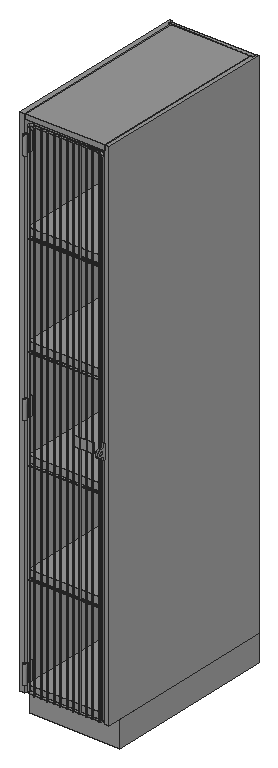
Revit family "TMI_M3020-Music_Wire Grille Doors1", category Casework, Revit 2016
Family settings
  OmniClass Number = 23.40.35.14.11
  OmniClass Title = Modular Casework
  Work Plane-Based = No
  Always vertical = Yes
  Cut with Voids When Loaded = No
  Shared = No
  Room Calculation Point = No
Parameters (values of type "14" x 84-1/2" x 29"")
  URL = "www.tmisystems.com"
  Toe Kick Height = 4"
  Toe Kick Depth = 2"
  Shelf Thickness = 1 1/8"
  Model = "M3020/M5020"
  Manufacturer = "TMI Systems Corporation"
  Interior Finish = none
  Individual Wire Grille Doors [instance] = not(Full Height Wire Grille Door)  # no
  Full Height Wire Grille Door [instance] = yes
  Filler Width (Hinge) [instance] = 3"
  Filler (Pull Side) [instance] = no
  Filler (Hinge Side) [instance] = no
  Filler Width (Pull) [instance] = 3"
  Description = "Alto Saxophone, Cornet, Trumpet"
  Depth = 29"
  Height = 84 1/2"
  Width = 13 7/8"
  Casework Thickness = 3/4"
  Casework Back Thickness = 1/2"
  Cabinet Finish = Plastic Laminate
  Assembly Code = ""
Types (2): name | Description | Depth
  14" x 84-1/2" x 29" | "Alto Saxophone, Cornet, Trumpet" | 29"
  14" x 84-1/2" x 39" | "Alto Cornet, Basson, Bass Clarinet, Tenor Saxophone, Trombone, Violin, Viola" | 39"
Reference planes (in)
  plane 1 "Back": y = 15
  plane 2: z = 0
  plane 3 "Center (Left/Right)": x = 0.7377
  plane 4 "Left": x = -6.1998
  plane 5 "Right": x = 7.6752
  plane 6 "Front": y = -14
  plane 7 "Top": z = 84.5
  plane 8: y = 14.375
  plane 9: x = -5.4498
  plane 10: x = 6.9252
  plane 11: z = 83.75
  plane 12: y = 14.875
  plane 13: y = -12
  plane 14: z = 4
  plane 15: z = 5.125
  plane 16: y = -13.61906
  plane 17: z = 68.625
  plane 18: y = -11.25
  plane 19: y = -13.25
  plane 20: z = 52.75
  plane 21: z = 36.875
  plane 22: y = -13.49461
  plane 23: z = 42.25
  plane 24: z = 83.25
  plane 25: x = 7.3002
  plane 26: x = -5.8248
  plane 27: z = 21
  plane 28: y = -13.60344
Forms (in)
  Extrusion 1, solid, material "Plastic Laminate" <- "Cabinet Finish"
    sketch origin (0.84915, 11.94613, -1.44731) x (1, 0, 0) y (0, 0, 1)
      loop
        line (-6.29895, 6.57231) -> (-6.29895, 5.44731) -> (6.07605, 5.44731) -> (6.07605, 6.57231) -> (-6.29895, 6.57231)
    from -2.42887 to 25.54956
  Extrusion 2, solid, material "Plastic Laminate" <- "Cabinet Finish"
    sketch origin (0, 0, 0) x (1, 0, 0) y (0, 1, 0)
      loop
        line (-5.8248, 14.875) -> (-5.8248, 14.375) -> (7.3002, 14.375) -> (7.3002, 14.875) -> (-5.8248, 14.875)
    from 84.5 to 4
  Extrusion 3, solid, material "Plastic Laminate" <- "Cabinet Finish", visible <- "Filler (Pull Side)"
    sketch origin (0, -14, 0) x (1, 0, 0) y (0, 0, 1)
      loop
        line (7.6752, 84.5) -> (7.6752, 4) -> (10.6752, 4) -> (10.6752, 84.5) -> (7.6752, 84.5)
    from -0.75 to 0
  Extrusion 4, solid, material "Plastic Laminate" <- "Cabinet Finish", visible <- "Filler (Hinge Side)"
    sketch origin (0, -14, 0) x (1, 0, 0) y (0, 0, 1)
      loop
        line (-9.1998, 84.5) -> (-9.1998, 4) -> (-6.1998, 4) -> (-6.1998, 84.5) -> (-9.1998, 84.5)
    from -0.75 to 0
  Extrusion 5, solid, material "Wood"
    sketch origin (0, 0, 0) x (1, 0, 0) y (0, 0, 1)
      loop
        line (7.6752, 4) -> (-6.1998, 4) -> (-6.1998, 0) -> (7.6752, 0) -> (7.6752, 4)
    from -15 to 12
  Extrusion 6, solid, material "Wood", visible <- "Filler (Pull Side)"
    sketch origin (0, 0, 0) x (1, 0, 0) y (0, 0, 1)
      loop
        line (10.6752, 4) -> (7.6752, 4) -> (7.6752, 0) -> (10.6752, 0) -> (10.6752, 4)
    from 11.25 to 12
  Extrusion 7, solid, material "Wood", visible <- "Filler (Hinge Side)"
    sketch origin (0, 0, 0) x (1, 0, 0) y (0, 0, 1)
      loop
        line (-6.1998, 4) -> (-9.1998, 4) -> (-9.1998, 0) -> (-6.1998, 0) -> (-6.1998, 4)
    from 11.25 to 12
  Extrusion 8, solid, material "Plastic Laminate" <- "Cabinet Finish"
    sketch origin (0, -14, 0) x (1, 0, 0) y (0, 0, 1)
      loop
        line (-5.4498, 68.625) -> (-5.4498, 67.5) -> (6.9252, 67.5) -> (6.9252, 68.625) -> (-5.4498, 68.625)
      loop
        line (-5.4498, 52.75) -> (-5.4498, 51.625) -> (6.9252, 51.625) -> (6.9252, 52.75) -> (-5.4498, 52.75)
      loop
        line (-5.4498, 35.75) -> (6.9252, 35.75) -> (6.9252, 36.875) -> (-5.4498, 36.875) -> (-5.4498, 35.75)
      loop
        line (-5.4498, 19.875) -> (6.9252, 19.875) -> (6.9252, 21) -> (-5.4498, 21) -> (-5.4498, 19.875)
    from -28.375 to -0.50539
  Extrusion 9, solid, material "Plastic Laminate" <- "Cabinet Finish"
    sketch origin (0, 15, 0) x (1, 0, 0) y (0, 0, 1)
      loop
        line (-5.4498, 84.5) -> (-5.4498, 83.75) -> (6.9252, 83.75) -> (6.9252, 84.5) -> (-5.4498, 84.5)
    from 0.625 to 29
  Extrusion 10, solid, material "Plastic Laminate" <- "Cabinet Finish"
    sketch origin (0, 0, 0) x (1, 0, 0) y (0, 1, 0)
      loop
        line (-6.1998, 15) -> (-6.1998, -14) -> (-5.4498, -14) -> (-5.4498, 14.375) -> (-5.8248, 14.375) -> (-5.8248, 15) -> (-6.1998, 15)
      loop
        line (6.9252, 14.375) -> (6.9252, -14) -> (7.6752, -14) -> (7.6752, 15) -> (7.3002, 15) -> (7.3002, 14.375) -> (6.9252, 14.375)
    from 4 to 84.5
Lines and regions (in)
  Masking region 1
    outline origin (44.5, 0, 0) x (1, 0, 0) y (0, 1, 0)
      loop
        line (-50.6998, 15) -> (-50.6998, -14) -> (-36.8248, -14) -> (-36.8248, 15) -> (-50.6998, 15)
  Masking region 2, visible <- "Filler (Hinge Side)"
    outline origin (0, 0, 0) x (1, 0, 0) y (0, 1, 0)
      loop
        line (-9.1998, -13.25) -> (-9.1998, -14) -> (-6.1998, -14) -> (-6.1998, -13.25) -> (-9.1998, -13.25)
  Masking region 3, visible <- "Filler (Pull Side)"
    outline origin (0, 0, 0) x (1, 0, 0) y (0, 1, 0)
      loop
        line (7.6752, -13.25) -> (7.6752, -14) -> (10.6752, -14) -> (10.6752, -13.25) -> (7.6752, -13.25)
  symbolic lines, style "CaseworkHiddenLines"
    curve 1: line (-0.1998, -14, 0) -> (-0.3248, -14, 0)
    curve 2: line (1.9252, -14, 0) -> (2.0502, -14, 0)
Dimensions and locks (in)
  equal spacing: plane 4 "Left", plane 3 "Center (Left/Right)", plane 5 "Right"
  "Casework Thickness": plane 4 "Left" to plane 9
  "Casework Thickness": plane 10 to plane 5 "Right"
  "Casework Thickness": plane 7 "Top" to plane 11
  "Filler Width (Pull)": plane 5 "Right" to Extrusion 3
  "Filler Width (Hinge)": Extrusion 4 to plane 4 "Left"
  "Depth": plane 6 "Front" to plane 1 "Back"
  locked: plane 12 to plane 1 "Back" at 0.125
  "Toe Kick Depth": plane 13 to plane 6 "Front"
  "Toe Kick Height": plane 14 to level
  "Height": plane 7 "Top" to level
  locked: plane 6 "Front" to plane 16 at 0.38094
  locked: plane 6 "Front" to plane 19 at 0.75
  locked: plane 18 to plane 13 at 0.75
  plane 16 to plane 22 = 0.12445"
  equal spacing: plane 7 "Top", plane 23, plane 2
  locked: plane 11 to plane 24 at 0.5
  "Shelf Thickness": plane 15 to plane 14
  equal spacing: plane 7 "Top", plane 17, plane 20, plane 21, plane 27, plane 15
  equal spacing: plane 4 "Left", plane 26, plane 9
  equal spacing: plane 10, plane 25, plane 5 "Right"
  "Casework Back Thickness": plane 12 to plane 8
  "Shelf Thickness": plane 17 to Extrusion 8
  "Shelf Thickness": plane 20 to Extrusion 8
  "Shelf Thickness": plane 21 to Extrusion 8
  "Shelf Thickness": plane 27 to Extrusion 8
  "Width": plane 4 "Left" to plane 5 "Right"
  locked: plane 16 to plane 28 at 0.01562
  aligned and locked: plane 2 to level
  aligned and locked: plane 8 to Extrusion 2 sketch curve
  aligned and locked: plane 7 "Top" to Extrusion 3 sketch curve
  aligned and locked: Extrusion 3 sketch curve to plane 5 "Right"
  aligned and locked: plane 7 "Top" to Extrusion 4 sketch curve
  aligned and locked: Extrusion 6 to Extrusion 5
  aligned and locked: Extrusion 7 to Extrusion 5
  aligned and locked: plane 14 to Extrusion 7
  aligned and locked: plane 14 to Extrusion 5
  aligned and locked: plane 14 to Extrusion 6
  aligned and locked: Extrusion 3 to plane 14
  aligned and locked: Extrusion 4 to plane 14
  aligned and locked: Extrusion 1 to plane 14
  aligned and locked: plane 15 to Extrusion 1
  aligned and locked: plane 1 "Back" to Masking region 1 sketch curve
  aligned and locked: Extrusion 7 to plane 13
  aligned and locked: plane 8 to Extrusion 8
  aligned and locked: plane 4 "Left" to Masking region 2 sketch curve
  aligned and locked: Masking region 3 sketch curve to plane 5 "Right"
  aligned and locked: Extrusion 8 to plane 17  (x2)
  aligned and locked: plane 6 "Front" to Extrusion 3
  aligned and locked: plane 6 "Front" to Extrusion 4
  aligned and locked: plane 18 to Extrusion 6
  aligned and locked: Extrusion 3 to plane 19
  aligned and locked: Extrusion 4 to plane 19
  aligned and locked: plane 18 to Extrusion 7
  aligned and locked: Extrusion 7 to Extrusion 4
  aligned and locked: Masking region 2 to Extrusion 4
  aligned and locked: Masking region 2 to plane 19
  aligned and locked: Extrusion 3 to Extrusion 6
  aligned and locked: Masking region 3 to Extrusion 3
  aligned and locked: Masking region 3 to plane 19
  aligned and locked: plane 21 to Extrusion 8
  aligned and locked: Extrusion 8 to plane 20
  aligned and locked: Extrusion 1 to plane 9
  aligned and locked: Extrusion 8 to plane 22
  aligned and locked: Extrusion 1 to plane 10
  aligned and locked: Extrusion 9 sketch curve to plane 11
  aligned and locked: plane 9 to Extrusion 9 sketch curve
  aligned and locked: Extrusion 9 sketch curve to plane 10
  aligned and locked: plane 6 "Front" to Extrusion 9
  aligned and locked: plane 6 "Front" to Masking region 1
  aligned and locked: Extrusion 9 to plane 7 "Top"
  aligned and locked: plane 8 to Extrusion 9
  aligned and locked: plane 8 to Extrusion 1
  aligned and locked: Extrusion 2 to plane 14
  aligned and locked: Extrusion 2 to plane 7 "Top"
  aligned and locked: plane 27 to Extrusion 8 sketch curve
  aligned and locked: nested 1 to plane 14
  aligned and locked: nested 1 to plane 6 "Front"
  aligned and locked: nested 5 to plane 6 "Front"  (x3)
  aligned and locked: nested 4 to plane 6 "Front"  (x3)
  aligned and locked: nested 3 to plane 6 "Front"  (x2)
  aligned and locked: nested 2 to plane 6 "Front"  (x3)
  aligned and locked: plane 6 "Front" to nested 5  (x2)
  aligned and locked: plane 24 to nested 5
  aligned and locked: plane 25 to Extrusion 2
  aligned and locked: Extrusion 2 to plane 26
  aligned and locked: Extrusion 10 sketch curve to plane 1 "Back"  (x2)
  aligned and locked: plane 8 to Extrusion 10 sketch curve  (x2)
  aligned and locked: Extrusion 10 sketch curve to plane 10
  aligned and locked: Extrusion 10 sketch curve to Extrusion 2  (x2)
  aligned and locked: Extrusion 10 sketch curve to plane 5 "Right"
  aligned and locked: plane 6 "Front" to Extrusion 10 sketch curve  (x2)
  aligned and locked: plane 9 to Extrusion 10 sketch curve
  aligned and locked: Extrusion 10 sketch curve to plane 4 "Left"
  aligned and locked: Extrusion 10 to plane 7 "Top"
  aligned and locked: Extrusion 10 to plane 14
  aligned and locked: nested 6 to plane 6 "Front"
  aligned and locked: plane 9 to nested 5
  aligned and locked: plane 9 to nested 6
  aligned and locked: Extrusion 8 to plane 9  (x4)
  aligned and locked: Extrusion 8 to plane 10  (x2)
  aligned and locked: plane 10 to Extrusion 8  (x2)
  aligned and locked: plane 24 to nested 6
  aligned and locked: Extrusion 8 to nested 4
  aligned and locked: Extrusion 8 to nested 3
  aligned and locked: Extrusion 8 to nested 2
  aligned and locked: plane 9 to nested 1
  aligned and locked: plane 9 to nested 2
  aligned and locked: plane 9 to nested 3
  aligned and locked: plane 9 to nested 4
  aligned and locked: plane 28 to Extrusion 1
Automatic sketch dimensions
  curve 1 to level = 0"
  curve 2 to level = 0"
  curve 1 to curve 1 = 1/8"
  curve 2 to curve 2 = 1/8"
  Extrusion 1 sketch curve to plane 9 = 0"
  plane 10 to Extrusion 1 sketch curve = 0"
  Extrusion 1 sketch curve to plane 14 = 0"
  Extrusion 1 sketch curve to plane 15 = 0"
  Extrusion 2 sketch curve to plane 12 = 0"
  plane 26 to Extrusion 2 sketch curve = 0"
  Extrusion 2 sketch curve to plane 25 = 0"
  Extrusion 3 sketch curve to plane 14 = 0"
  Extrusion 3 sketch curve to plane 5 "Right" = 3"
  Extrusion 4 sketch curve to plane 14 = 0"
  plane 4 "Left" to Extrusion 4 sketch curve = 0"
  Extrusion 4 sketch curve to Extrusion 4 sketch curve = 3"
  plane 4 "Left" to Extrusion 5 sketch curve = 0"
  Extrusion 5 sketch curve to level = 0"
  plane 5 "Right" to Extrusion 5 sketch curve = 0"
  Extrusion 5 sketch curve to plane 14 = 0"
  plane 5 "Right" to Extrusion 6 sketch curve = 0"
  Extrusion 6 sketch curve to level = 0"
  Extrusion 6 sketch curve to plane 14 = 0"
  Extrusion 6 sketch curve to plane 5 "Right" = 3"
  Extrusion 7 sketch curve to plane 14 = 0"
  Extrusion 7 sketch curve to level = 0"
  plane 4 "Left" to Extrusion 7 sketch curve = 0"
  Extrusion 7 sketch curve to Extrusion 7 sketch curve = 3"
  Masking region 1 sketch curve to plane 4 "Left" = 0"
  Masking region 1 sketch curve to plane 5 "Right" = 0"
  plane 6 "Front" to Masking region 1 sketch curve = 0"
  Extrusion 8 sketch curve to plane 21 = 0"
  Extrusion 8 sketch curve to plane 20 = 0"
  Extrusion 8 sketch curve to plane 17 = 0"
  plane 6 "Front" to Masking region 2 sketch curve = 0"
  plane 19 to Masking region 2 sketch curve = 0"
  plane 4 "Left" to Masking region 2 sketch curve = 3"
  plane 6 "Front" to Masking region 3 sketch curve = 0"
  plane 19 to Masking region 3 sketch curve = 0"
  Masking region 3 sketch curve to Masking region 3 sketch curve = 3"
  Extrusion 9 sketch curve to plane 7 "Top" = 0"
  Extrusion 8 sketch curve to plane 27 = 1 1/8"
  Extrusion 8 sketch curve to Extrusion 8 sketch curve = 1 1/8"  (x3)
  curve 1 to plane 3 "Center (Left/Right)" = 15/16"
  plane 3 "Center (Left/Right)" to curve 2 = 1 3/16"
  plane 25 to Extrusion 8 sketch curve = 3/8"  (x4)
  Extrusion 8 sketch curve to plane 26 = 3/8"  (x4)
Nested families (in)
  nested 1: "Individual Wire Grille Doors 27in Wide x2" at (0.73685, -13.76369, 4), visible <- "Individual Wire Grille Doors", type "Individual Wire Grille Doors 27in Wide x2"
    with Number of Verticle Bars 11, Bar Spacing 1"
  nested 2: "Individual Wire Grille Doors 27in Wide x2" at (0.73685, -13.76369, 19.875), visible <- "Individual Wire Grille Doors", type "Individual Wire Grille Doors 27in Wide x2"
    with Number of Verticle Bars 11, Bar Spacing 1"
  nested 3: "Individual Wire Grille Doors 27in Wide x2" at (0.73685, -13.76369, 35.75), visible <- "Individual Wire Grille Doors", type "Individual Wire Grille Doors 27in Wide x2"
    with Number of Verticle Bars 11, Bar Spacing 1"
  nested 4: "Individual Wire Grille Doors 27in Wide x2" at (0.73685, -13.76369, 51.625), visible <- "Individual Wire Grille Doors", type "Individual Wire Grille Doors 27in Wide x2"
    with Number of Verticle Bars 11, Bar Spacing 1"
  nested 5: "Individual Wire Grille Doors 27in Wide x2" at (0.73685, -13.76369, 67.625), visible <- "Individual Wire Grille Doors", type "Individual Wire Grille Doors 27in Wide x2"
    with Number of Verticle Bars 11, Bar Spacing 1"
  nested 6: "Full Height Wire Grille Door 14in Wide" at (0.73685, -13.76369, 4), visible <- "Full Height Wire Grille Door", type "Full Height Wire Grille Door 14in Wide"
    with Number of Verticle Bars 11, Bar Spacing 1"
Definition of nested family "Individual Wire Grille Doors 27in Wide x2"
  Parameters (values of type "Individual Wire Grille Doors 27in Wide x2")
    Width = 11 3/8"
    Pull height from Bottom of Casework = 33 13/16"
    Number of Verticle Bars [instance] = (Width / Bar Spacing)  # 11
    Height = 15 5/8"
    Distance of Hinge from Edge of Casework = 2 13/16"
    Bar Spacing [instance] = 1"
  Reference planes (in)
    plane 1 "Center (Front/Back)": y = 0
    plane 2: z = 0
    plane 3 "Center (Left/Right)": x = 0
    plane 4: x = -5.81165
    plane 5: x = -5.56335
    plane 6: z = 15.625
    plane 7: z = 15.375
    plane 8: z = 15.5
    plane 9: x = -5.6875
    plane 10: x = 5.81888
    plane 11: x = 5.55612
    plane 12: x = 5.6875
    plane 13: z = 0.25
    plane 14: z = 0.125
    plane 15: y = -0.125
    plane 16: z = 7.8125
    plane 17: y = -0.17188
    plane 18: x = -4.6875
    plane 19: y = 0.28516
    plane 20: x = 6.19388
    plane 21: y = -0.23631
    plane 22: z = 2.8125
    plane 23: z = 12.8125
    plane 24: z = 8.93853
    plane 25: x = -4.6875
    plane 26: y = -0.17188
    plane 27: x = -3.6875
    plane 28: y = -0.17188
    plane 29: x = -2.6875
    plane 30: y = -0.17188
    plane 31: x = -1.6875
    plane 32: y = -0.17188
    plane 33: x = -0.6875
    plane 34: y = -0.17188
    plane 35: x = 0.3125
    plane 36: y = -0.17188
    plane 37: x = 1.3125
    plane 38: y = -0.17188
    plane 39: x = 2.3125
    plane 40: y = -0.17188
    plane 41: x = 3.3125
    plane 42: y = -0.17188
    plane 43: x = 4.3125
    plane 44: y = -0.17188
    plane 45: x = 5.3125
    plane 46: y = -0.17188
    plane 47: z = 7.8125
  Forms (in)
    Sweep 1, solid
      path origin (0, 0, 0) x (1, 0, 0) y (0, 0, 1)
        loop
          arc (-5.4375, 15.5) -> (-5.61428, 15.42678) -> (-5.6875, 15.25) r 0.25
          line (-5.6875, 15.25) -> (-5.6875, 0.375)
          arc (-5.6875, 0.375) -> (-5.61428, 0.19822) -> (-5.4375, 0.125) r 0.25
          line (-5.4375, 0.125) -> (5.4375, 0.125)
          arc (5.4375, 0.125) -> (5.61428, 0.19822) -> (5.6875, 0.375) r 0.25
          line (5.6875, 0.375) -> (5.6875, 15.25)
          arc (5.6875, 15.25) -> (5.61428, 15.42678) -> (5.4375, 15.5) r 0.25
          line (5.4375, 15.5) -> (-5.4375, 15.5)
      profile "4 Circle : 4 Circle" origin (0, 0, 15.5) x (0, 0, 1) y (0, -1, 0)
        loop
          circle (0, 0) r 0.125
    Extrusion 2, solid
      sketch origin (0, 0, 0) x (0, 1, 0) y (0, 0, 1)
        loop
          circle (0, 7.8125) r 0.125
      from -5.6875 to 5.6875
    Extrusion 3, solid
      sketch origin (0, 0, -0.01317) x (1, 0, 0) y (0, 1, 0)
        loop
          circle (-4.6875, -0.17188) r 0.0625
      from 0.01317 to 15.63817
    Extrusion 4, solid
      sketch origin (1, 0, -0.01317) x (1, 0, 0) y (0, 1, 0)
        loop
          circle (-4.6875, -0.17188) r 0.0625
      from 0.01317 to 15.63817
    Extrusion 5, solid
      sketch origin (2, 0, -0.01317) x (1, 0, 0) y (0, 1, 0)
        loop
          circle (-4.6875, -0.17188) r 0.0625
      from 0.01317 to 15.63817
    Extrusion 6, solid
      sketch origin (3, 0, -0.01317) x (1, 0, 0) y (0, 1, 0)
        loop
          circle (-4.6875, -0.17188) r 0.0625
      from 0.01317 to 15.63817
    Extrusion 7, solid
      sketch origin (4, 0, -0.01317) x (1, 0, 0) y (0, 1, 0)
        loop
          circle (-4.6875, -0.17188) r 0.0625
      from 0.01317 to 15.63817
    Extrusion 8, solid
      sketch origin (5, 0, -0.01317) x (1, 0, 0) y (0, 1, 0)
        loop
          circle (-4.6875, -0.17188) r 0.0625
      from 0.01317 to 15.63817
    Extrusion 9, solid
      sketch origin (6, 0, -0.01317) x (1, 0, 0) y (0, 1, 0)
        loop
          circle (-4.6875, -0.17188) r 0.0625
      from 0.01317 to 15.63817
    Extrusion 10, solid
      sketch origin (7, 0, -0.01317) x (1, 0, 0) y (0, 1, 0)
        loop
          circle (-4.6875, -0.17188) r 0.0625
      from 0.01317 to 15.63817
    Extrusion 11, solid
      sketch origin (8, 0, -0.01317) x (1, 0, 0) y (0, 1, 0)
        loop
          circle (-4.6875, -0.17188) r 0.0625
      from 0.01317 to 15.63817
    Extrusion 12, solid
      sketch origin (9, 0, -0.01317) x (1, 0, 0) y (0, 1, 0)
        loop
          circle (-4.6875, -0.17188) r 0.0625
      from 0.01317 to 15.63817
    Extrusion 13, solid
      sketch origin (10, 0, -0.01317) x (1, 0, 0) y (0, 1, 0)
        loop
          circle (-4.6875, -0.17188) r 0.0625
      from 0.01317 to 15.63817
    Extrusion 14, solid
      sketch origin (0, 0, 0) x (1, 0, 0) y (0, 0, 1)
        loop
          line (1.38138, 8.5625) -> (1.38138, 7.0625) -> (4.56888, 7.0625) -> (4.56888, 8.5625) -> (1.38138, 8.5625)
      from 0.23631 to 0.33984
  Lines and regions (in)
    model lines
      curve 1: line (5.6875, 0, 15.5) -> (-5.6875, 0, 7.8125)
      curve 2: line (-5.6875, 0, 7.8125) -> (5.6875, 0, 0.125)
  Dimensions and locks (in)
    locked: plane 6 to plane 7 at 0.25
    equal spacing: plane 4, plane 9, plane 5
    locked: plane 4 to plane 5 at 0.24829
    equal spacing: plane 10, plane 12, plane 11
    plane 10 to plane 11 = 0.26276"
    equal spacing: plane 13, plane 14, plane 2
    locked: plane 13 to plane 2 at 0.25
    equal spacing: plane 12, plane 3 "Center (Left/Right)", plane 9
    locked: plane 15 to plane 1 "Center (Front/Back)" at 0.125
    "Width": plane 12 to plane 9
    "Height": plane 6 to level
    plane 8 to plane 14 = 15 3/8"
    "Bar Spacing": plane 9 to plane 18
    locked: plane 15 to plane 17 at 0.04688
    plane 1 "Center (Front/Back)" to plane 19 = 73/256"
    locked: plane 10 to plane 20 at 0.375
    locked: plane 17 to plane 21 at 0.06444
    "Distance of Hinge from Edge of Casework": plane 6 to plane 23
    "Distance of Hinge from Edge of Casework": plane 22 to plane 2
    locked: plane 24 to plane 16 at 1.12603
    equal spacing: plane 6, plane 8, plane 7
    equal spacing: plane 6, plane 16, level
    equal spacing: group 1, group 2, group 3, group 4, group 5, group 6, group 7, group 8, group 9, group 10, group 11  (x3)
    locked: Extrusion 14 sketch curve to Extrusion 14 sketch curve at 3.1875
    locked: Extrusion 14 sketch curve to nested 1 at 1.25
    equal spacing: Extrusion 14 sketch curve, plane 47, Extrusion 14 sketch curve
    locked: Extrusion 14 sketch curve to Extrusion 14 sketch curve at 1.5
    aligned and locked: plane 12 to Sweep 1 sketch curve
    aligned and locked: plane 9 to Sweep 1 sketch curve
    aligned and locked: nested 1 to plane 10
    aligned and locked: plane 19 to nested 1
    aligned and locked: plane 19 to nested 2
    aligned and locked: plane 10 to nested 1
    aligned and locked: nested 3 to plane 4
    aligned and locked: nested 3 to plane 21
    aligned and locked: nested 3 to plane 23
    aligned and locked: nested 4 to plane 4
    aligned and locked: nested 4 to plane 21
    aligned and locked: nested 4 to plane 22
    aligned and locked: Extrusion 2 to plane 9
    aligned and locked: Extrusion 2 to plane 12
    aligned and locked: plane 20 to nested 2
    aligned and locked: nested 2 to plane 24
    aligned and locked: nested 1 to plane 24
    aligned and locked: plane 17 to Extrusion 3
    aligned and locked: Extrusion 3 to plane 2
    aligned and locked: plane 6 to Extrusion 3
    aligned and locked: Extrusion 3 to level
    aligned and locked: plane 14 to Sweep 1 sketch curve
    aligned and locked: Sweep 1 sketch curve to plane 8
    aligned and locked: plane 16 to plane 47
    aligned and locked: plane 21 to Extrusion 14
    aligned and locked: nested 1 to Extrusion 14
  Automatic sketch dimensions
    Extrusion 2 sketch curve to plane 1 "Center (Front/Back)" = 0"
    Extrusion 2 sketch curve to plane 16 = 0"
    Extrusion 3 sketch curve to plane 25 = 0"
    Extrusion 3 sketch curve to plane 26 = 0"
    plane 5 to Sweep 1 sketch curve = 0.12585"  (x2)
    plane 11 to Sweep 1 sketch curve = 0.11862"  (x2)
    Extrusion 4 sketch curve to plane 27 = 0"
    Extrusion 4 sketch curve to plane 28 = 0"
    Extrusion 5 sketch curve to plane 29 = 0"
    Extrusion 5 sketch curve to plane 30 = 0"
    Extrusion 6 sketch curve to plane 31 = 0"
    Extrusion 6 sketch curve to plane 32 = 0"
    Extrusion 7 sketch curve to plane 33 = 0"
    Extrusion 7 sketch curve to plane 34 = 0"
    Extrusion 8 sketch curve to plane 35 = 0"
    Extrusion 8 sketch curve to plane 36 = 0"
    Extrusion 9 sketch curve to plane 37 = 0"
    Extrusion 9 sketch curve to plane 38 = 0"
    Extrusion 10 sketch curve to plane 39 = 0"
    Extrusion 10 sketch curve to plane 40 = 0"
    Extrusion 11 sketch curve to plane 41 = 0"
    Extrusion 11 sketch curve to plane 42 = 0"
    Extrusion 12 sketch curve to plane 43 = 0"
    Extrusion 12 sketch curve to plane 44 = 0"
    Extrusion 13 sketch curve to plane 45 = 0"
    Extrusion 13 sketch curve to plane 46 = 0"
    curve 2 to plane 9 = 0"
    plane 12 to curve 2 = 0"
    curve 1 to plane 8 = 0"
    plane 12 to curve 1 = 0"
    curve 2 to plane 14 = 0"
    curve 2 to plane 16 = 0"
    radius of Extrusion 2 sketch curve = 1/8"
    radius of Extrusion 3 sketch curve = 1/16"
    radius of Extrusion 4 sketch curve = 1/16"
    radius of Extrusion 5 sketch curve = 1/16"
    radius of Extrusion 6 sketch curve = 1/16"
    radius of Extrusion 7 sketch curve = 1/16"
    radius of Extrusion 8 sketch curve = 1/16"
    radius of Extrusion 9 sketch curve = 1/16"
    radius of Extrusion 10 sketch curve = 1/16"
    radius of Extrusion 11 sketch curve = 1/16"
    radius of Extrusion 12 sketch curve = 1/16"
    radius of Extrusion 13 sketch curve = 1/16"
  Nested families (in)
    nested 1: "Pad Lock" at (5.81888, -0.33984, 7.81353), type "Pad Lock"
    nested 2: "Pad Lock" at (6.13138, -0.33984, 7.81353), type "Pad Lock"
    nested 3: "5k hinge (music)" at (-6.0304, 0.76369, 11.40625) x (-1, 0, 0) z (0, 0, 1), type "5k hinge (music)"
      with Width 16"
    nested 4: "5k hinge (music)" at (-6.0304, 0.76369, 1.40625) x (-1, 0, 0) z (0, 0, 1), type "5k hinge (music)"
      with Width 16"
  Definition of nested family "Pad Lock"
    Reference planes (in)
      plane 1 "Center (Front/Back)": y = 0
      plane 2: z = 0
      plane 3 "Center (Left/Right)": x = 0
      plane 4: z = 1.125
      plane 5: z = -1.125
      plane 6: y = -1.125
      plane 7: y = 0.625
      plane 8: y = -0.5625
      plane 9: x = 0.0625
    Forms (in)
      Extrusion 1, solid
        sketch origin (0, 0.00036, 0.01611) x (0, 0, 1) y (0, -1, 0)
          loop
            line (0.98389, 0) -> (0.56967, 0) -> (0.56967, 0.56286)
            arc (0.56967, 0.56286) -> (0, 1.13253) -> (-0.56967, 0.56286) r 0.56967
            line (-0.56967, 0.56286) -> (-0.56967, 0) -> (-1.01611, 0)
            arc (-1.01611, 0) -> (-1.1045, -0.03661) -> (-1.14111, -0.125) r 0.125
            line (-1.14111, -0.125) -> (-1.14111, -0.62464) -> (1.10889, -0.62464) -> (1.10889, -0.125)
            arc (1.10889, -0.125) -> (1.07227, -0.03661) -> (0.98389, 0) r 0.125
          loop
            circle (0, 0.56286) r 0.375
        from 0 to 0.0625
    Dimensions and locks (in)
      locked: plane 4 to plane 5 at 2.25
      locked: plane 6 to plane 7 at 1.75
      locked: plane 9 to plane 3 "Center (Left/Right)" at 0.0625
      equal spacing: plane 1 "Center (Front/Back)", plane 8, plane 6
      locked: plane 7 to plane 1 "Center (Front/Back)" at 0.625
      equal spacing: plane 5, plane 2, plane 4
      aligned and locked: plane 2 to level
      aligned and locked: plane 9 to Extrusion 1
    Automatic sketch dimensions
      Extrusion 1 sketch curve to Extrusion 1 sketch curve = 0"  (x2)
      Extrusion 1 sketch curve to plane 5 = 0"
      Extrusion 1 sketch curve to plane 8 = 0"
      plane 4 to Extrusion 1 sketch curve = 0"
      Extrusion 1 sketch curve to plane 7 = 0"
      Extrusion 1 sketch curve to plane 1 "Center (Front/Back)" = 0.00036"
      plane 5 to Extrusion 1 sketch curve = 1/8"
      Extrusion 1 sketch curve to level = 0.55355"
      level to Extrusion 1 sketch curve = 0.01611"
      Extrusion 1 sketch curve to Extrusion 1 sketch curve = 1/8"
      Extrusion 1 sketch curve to plane 1 "Center (Front/Back)" = 0.12536"
      radius of Extrusion 1 sketch curve = 3/8"
  Definition of nested family "5k hinge (music)"
    Parameters (values of type "5k hinge (music)")
      door thickness = 1"
      Width [instance] = 16"
      Hinge Distance from Door = 9/16"
      5K hinge size = 2 13/16"
    Reference planes (in)
      plane 1 "Center (Front/Back)": y = 0
      plane 2: z = 0
      plane 3 "Center (Left/Right)": x = 0
      plane 4: x = -0.15625
      plane 5: y = -1
      plane 6: y = -0.5
      plane 7: y = -1.5625
      plane 8: y = -1.28125
      plane 9: x = 0.15625
      plane 10: z = 2.8125
      plane 11: z = 1.40625
      plane 12: x = -0.21875
    Forms (in)
      Extrusion 1, solid
        sketch origin (-8.15625, 0, 0) x (1, 0, 0) y (0, 1, 0)
          loop
            line (8.15625, -1) -> (8.15625, -1.04949)
            arc (8.15625, -1.04949) -> (7.85521, -1.421) -> (8.3125, -1.28125) r 0.25
            line (8.3125, -1.28125) -> (8.3125, 0) -> (8.15625, 0) -> (7.9375, 0) -> (7.9375, -1) -> (8.15625, -1)
        from 0 to 2.8125
    Dimensions and locks (in)
      equal spacing: plane 1 "Center (Front/Back)", plane 6, plane 5
      "Hinge Distance from Door": plane 5 to plane 7
      equal spacing: plane 5, plane 8, plane 7
      "5K hinge size": plane 10 to plane 2
      "door thickness": plane 1 "Center (Front/Back)" to plane 5
      equal spacing: plane 10, plane 11, plane 2
      equal spacing: plane 4, plane 3 "Center (Left/Right)", plane 9
      plane 4 to plane 9 = 5/16"
      plane 12 to plane 4 = 1/16"
      aligned and locked: plane 2 to level
      aligned and locked: plane 5 to Extrusion 1 sketch curve
      aligned and locked: Extrusion 1 to plane 10
      aligned and locked: plane 9 to Extrusion 1
      aligned and locked: Extrusion 1 to plane 2
      aligned and locked: plane 12 to Extrusion 1 sketch curve
    Automatic sketch dimensions
      Extrusion 1 sketch curve to plane 8 = 0"
      plane 1 "Center (Front/Back)" to Extrusion 1 sketch curve = 0"
      Extrusion 1 sketch curve to plane 9 = 0"
      plane 4 to Extrusion 1 sketch curve = 1/16"
      Extrusion 1 sketch curve to plane 3 "Center (Left/Right)" = 0"  (x2)
Definition of nested family "Full Height Wire Grille Door 14in Wide"
  Parameters (values of type "Full Height Wire Grille Door 14in Wide")
    Width = 11 3/8"
    Pull height from Bottom of Casework = 37 13/16"
    Number of Verticle Bars [instance] = (Width / Bar Spacing)  # 11
    Height = 79 1/4"
    Distance of Hinge from Edge of Casework = 2 13/16"
    Bar Spacing [instance] = 1"
  Reference planes (in)
    plane 1 "Center (Front/Back)": y = 0
    plane 2: z = 0
    plane 3 "Center (Left/Right)": x = 0
    plane 4: x = -5.81165
    plane 5: x = -5.56335
    plane 6: z = 79.25
    plane 7: z = 79
    plane 8: z = 79.125
    plane 9: x = -5.6875
    plane 10: x = 5.81888
    plane 11: x = 5.55612
    plane 12: x = 5.6875
    plane 13: z = 0.25
    plane 14: z = 0.125
    plane 15: y = -0.125
    plane 16: z = 39.625
    plane 17: z = 47.525
    plane 18: z = 63.325
    plane 19: z = 31.725
    plane 20: z = 15.925
    plane 21: y = -0.17188
    plane 22: x = -4.6875
    plane 23: y = 0.28516
    plane 24: x = 6.19388
    plane 25: y = -0.23631
    plane 26: z = 37.8125
    plane 27: z = 2.8125
    plane 28: z = 76.4375
    plane 29: z = 38.9375
    plane 30: z = 37.8125
  Forms (in)
    Sweep 1, solid
      path origin (0, 0, 0) x (1, 0, 0) y (0, 0, 1)
        loop
          arc (-5.4375, 79.125) -> (-5.61428, 79.05178) -> (-5.6875, 78.875) r 0.25
          line (-5.6875, 78.875) -> (-5.6875, 0.375)
          arc (-5.6875, 0.375) -> (-5.61428, 0.19822) -> (-5.4375, 0.125) r 0.25
          line (-5.4375, 0.125) -> (5.4375, 0.125)
          arc (5.4375, 0.125) -> (5.61428, 0.19822) -> (5.6875, 0.375) r 0.25
          line (5.6875, 0.375) -> (5.6875, 78.875)
          arc (5.6875, 78.875) -> (5.61428, 79.05178) -> (5.4375, 79.125) r 0.25
          line (5.4375, 79.125) -> (-5.4375, 79.125)
      profile "4 Circle : 4 Circle" origin (0, 0, 79.125) x (0, 0, 1) y (0, -1, 0)
        loop
          circle (0, 0) r 0.125
    Extrusion 2, solid
      sketch origin (0, 0, 0) x (0, 1, 0) y (0, 0, 1)
        loop
          circle (0, 63.325) r 0.125
        loop
          circle (0, 47.525) r 0.125
        loop
          circle (0, 15.925) r 0.125
        loop
          circle (0, 31.725) r 0.125
      from -5.6875 to 5.6875
    Extrusion 3, solid
      sketch origin (5.93794, 0, -0.125) x (1, 0, 0) y (0, 1, 0)
        loop
          circle (-10.62544, -0.17188) r 0.0625
      from 0.125 to 79.375
    Extrusion 4, solid
      sketch origin (6.93794, 0, -0.125) x (1, 0, 0) y (0, 1, 0)
        loop
          circle (-10.62544, -0.17188) r 0.0625
      from 0.125 to 79.375
    Extrusion 5, solid
      sketch origin (7.93794, 0, -0.125) x (1, 0, 0) y (0, 1, 0)
        loop
          circle (-10.62544, -0.17188) r 0.0625
      from 0.125 to 79.375
    Extrusion 6, solid
      sketch origin (8.93794, 0, -0.125) x (1, 0, 0) y (0, 1, 0)
        loop
          circle (-10.62544, -0.17188) r 0.0625
      from 0.125 to 79.375
    Extrusion 7, solid
      sketch origin (9.93794, 0, -0.125) x (1, 0, 0) y (0, 1, 0)
        loop
          circle (-10.62544, -0.17188) r 0.0625
      from 0.125 to 79.375
    Extrusion 8, solid
      sketch origin (10.93794, 0, -0.125) x (1, 0, 0) y (0, 1, 0)
        loop
          circle (-10.62544, -0.17188) r 0.0625
      from 0.125 to 79.375
    Extrusion 9, solid
      sketch origin (11.93794, 0, -0.125) x (1, 0, 0) y (0, 1, 0)
        loop
          circle (-10.62544, -0.17188) r 0.0625
      from 0.125 to 79.375
    Extrusion 10, solid
      sketch origin (12.93794, 0, -0.125) x (1, 0, 0) y (0, 1, 0)
        loop
          circle (-10.62544, -0.17188) r 0.0625
      from 0.125 to 79.375
    Extrusion 11, solid
      sketch origin (13.93794, 0, -0.125) x (1, 0, 0) y (0, 1, 0)
        loop
          circle (-10.62544, -0.17188) r 0.0625
      from 0.125 to 79.375
    Extrusion 12, solid
      sketch origin (14.93794, 0, -0.125) x (1, 0, 0) y (0, 1, 0)
        loop
          circle (-10.62544, -0.17188) r 0.0625
      from 0.125 to 79.375
    Extrusion 13, solid
      sketch origin (15.93794, 0, -0.125) x (1, 0, 0) y (0, 1, 0)
        loop
          circle (-10.62544, -0.17188) r 0.0625
      from 0.125 to 79.375
    Extrusion 14, solid
      sketch origin (0, 0, 0) x (1, 0, 0) y (0, 0, 1)
        loop
          line (1.38138, 38.5625) -> (1.38138, 37.0625) -> (4.56888, 37.0625) -> (4.56888, 38.5625) -> (1.38138, 38.5625)
      from 0.23631 to 0.33984
  Lines and regions (in)
    model lines
      curve 1: line (5.69388, 0, 79.125) -> (-5.68752, 0, 39.625)
      curve 2: line (-5.68752, 0, 39.625) -> (5.6875, 0, 0.125)
  Dimensions and locks (in)
    locked: plane 6 to plane 7 at 0.25
    equal spacing: plane 6, plane 8, plane 7
    equal spacing: plane 4, plane 9, plane 5
    locked: plane 4 to plane 5 at 0.24829
    equal spacing: plane 10, plane 12, plane 11
    plane 10 to plane 11 = 0.26276"
    equal spacing: plane 13, plane 14, plane 2
    locked: plane 13 to plane 2 at 0.25
    equal spacing: plane 12, plane 3 "Center (Left/Right)", plane 9
    locked: plane 15 to plane 1 "Center (Front/Back)" at 0.125
    "Width": plane 12 to plane 9
    "Height": plane 6 to plane 2
    plane 8 to plane 14 = 79"
    equal spacing: plane 8, plane 18, plane 17, plane 19, plane 20, plane 14
    "Bar Spacing": plane 9 to plane 22
    locked: plane 15 to plane 21 at 0.04688
    plane 1 "Center (Front/Back)" to plane 23 = 73/256"
    locked: plane 10 to plane 24 at 0.375
    locked: plane 21 to plane 25 at 0.06444
    "Pull height from Bottom of Casework": plane 26 to plane 2
    "Distance of Hinge from Edge of Casework": plane 6 to plane 28
    "Distance of Hinge from Edge of Casework": plane 27 to plane 2
    locked: plane 22 to Extrusion 3 at 0.0625
    equal spacing: group 1, group 2, group 3, group 4, group 5, group 6, group 7, group 8, group 9, group 10, group 11  (x3)
    equal spacing: plane 6, plane 16, level
    locked: plane 29 to plane 26 at 1.125
    locked: Extrusion 14 sketch curve to Extrusion 14 sketch curve at 3.1875
    locked: Extrusion 14 sketch curve to Extrusion 14 sketch curve at 1.5
    equal spacing: Extrusion 14 sketch curve, plane 30, Extrusion 14 sketch curve
    locked: nested 1 to Extrusion 14 sketch curve at 1.25
    aligned and locked: Sweep 1 sketch curve to plane 12
    aligned and locked: Sweep 1 sketch curve to plane 8
    aligned and locked: plane 9 to Sweep 1 sketch curve
    aligned and locked: plane 14 to Sweep 1 sketch curve
    aligned and locked: Extrusion 2 to plane 12
    aligned and locked: Extrusion 2 to plane 9
    aligned and locked: nested 1 to plane 10
    aligned and locked: plane 23 to nested 1
    aligned and locked: plane 24 to nested 2
    aligned and locked: plane 23 to nested 2
    aligned and locked: plane 10 to nested 1
    aligned and locked: nested 3 to plane 4
    aligned and locked: nested 3 to plane 25
    aligned and locked: nested 3 to plane 28
    aligned and locked: nested 4 to plane 4
    aligned and locked: nested 4 to plane 25
    aligned and locked: nested 4 to plane 27
    aligned and locked: nested 5 to plane 4
    aligned and locked: nested 5 to plane 16
    aligned and locked: nested 5 to plane 25
    aligned and locked: plane 2 to level
    aligned and locked: plane 6 to Extrusion 3
    aligned and locked: Extrusion 3 to level
    aligned and locked: plane 29 to nested 1
    aligned and locked: plane 29 to nested 2
    aligned and locked: plane 30 to plane 26
    aligned and locked: plane 25 to Extrusion 14
    aligned and locked: nested 1 to Extrusion 14
    aligned and locked: Extrusion 14 to nested 1
  Automatic sketch dimensions
    plane 5 to Sweep 1 sketch curve = 0.12585"
    Sweep 1 sketch curve to Sweep 1 sketch curve = 1/4"  (x2)
    plane 11 to Sweep 1 sketch curve = 0.11862"
    Extrusion 2 sketch curve to plane 1 "Center (Front/Back)" = 0"  (x4)
    Extrusion 2 sketch curve to plane 20 = 0"
    Extrusion 2 sketch curve to plane 19 = 0"
    Extrusion 2 sketch curve to plane 17 = 0"
    Extrusion 2 sketch curve to plane 18 = 0"
    curve 1 to plane 16 = 0"
    plane 12 to curve 2 = 0"
    curve 1 to plane 8 = 0"
    curve 2 to plane 14 = 0"
    curve 2 to plane 9 = 0"
    curve 1 to plane 12 = 0.00638"
    radius of Extrusion 3 sketch curve = 1/16"
    radius of Extrusion 2 sketch curve = 1/8"  (x4)
    radius of Extrusion 4 sketch curve = 1/16"
    radius of Extrusion 5 sketch curve = 1/16"
    radius of Extrusion 6 sketch curve = 1/16"
    radius of Extrusion 7 sketch curve = 1/16"
    radius of Extrusion 8 sketch curve = 1/16"
    radius of Extrusion 9 sketch curve = 1/16"
    radius of Extrusion 10 sketch curve = 1/16"
    radius of Extrusion 11 sketch curve = 1/16"
    radius of Extrusion 12 sketch curve = 1/16"
    radius of Extrusion 13 sketch curve = 1/16"
  Nested families (in)
    nested 1: "Pad Lock" at (5.81888, -0.33984, 37.8125), type "Pad Lock"
    nested 2: "Pad Lock" at (6.13138, -0.33984, 37.8125), type "Pad Lock"
    nested 3: "5k hinge (music)" at (-6.0304, 0.76369, 75.03125) x (-1, 0, 0) z (0, 0, 1), type "5k hinge (music)"
      with Width 16"
    nested 4: "5k hinge (music)" at (-6.0304, 0.76369, 1.40625) x (-1, 0, 0) z (0, 0, 1), type "5k hinge (music)"
      with Width 16"
    nested 5: "5k hinge (music)" at (-6.0304, 0.76369, 38.21875) x (-1, 0, 0) z (0, 0, 1), type "5k hinge (music)"
      with Width 16"
  Definition of nested family "Pad Lock"
    Reference planes (in)
      plane 1 "Center (Front/Back)": y = 0
      plane 2: z = 0
      plane 3 "Center (Left/Right)": x = 0
      plane 4: z = 1.125
      plane 5: z = -1.125
      plane 6: y = -1.125
      plane 7: y = 0.625
      plane 8: y = -0.5625
      plane 9: x = 0.0625
    Forms (in)
      Extrusion 1, solid
        sketch origin (0, 0.00036, 0.01611) x (0, 0, 1) y (0, -1, 0)
          loop
            line (0.98389, 0) -> (0.56967, 0) -> (0.56967, 0.56286)
            arc (0.56967, 0.56286) -> (0, 1.13253) -> (-0.56967, 0.56286) r 0.56967
            line (-0.56967, 0.56286) -> (-0.56967, 0) -> (-1.01611, 0)
            arc (-1.01611, 0) -> (-1.1045, -0.03661) -> (-1.14111, -0.125) r 0.125
            line (-1.14111, -0.125) -> (-1.14111, -0.62464) -> (1.10889, -0.62464) -> (1.10889, -0.125)
            arc (1.10889, -0.125) -> (1.07227, -0.03661) -> (0.98389, 0) r 0.125
          loop
            circle (0, 0.56286) r 0.375
        from 0 to 0.0625
    Dimensions and locks (in)
      locked: plane 4 to plane 5 at 2.25
      locked: plane 6 to plane 7 at 1.75
      locked: plane 9 to plane 3 "Center (Left/Right)" at 0.0625
      equal spacing: plane 1 "Center (Front/Back)", plane 8, plane 6
      locked: plane 7 to plane 1 "Center (Front/Back)" at 0.625
      equal spacing: plane 5, plane 2, plane 4
      aligned and locked: plane 2 to level
      aligned and locked: plane 9 to Extrusion 1
    Automatic sketch dimensions
      Extrusion 1 sketch curve to Extrusion 1 sketch curve = 0"  (x2)
      Extrusion 1 sketch curve to plane 5 = 0"
      Extrusion 1 sketch curve to plane 8 = 0"
      plane 4 to Extrusion 1 sketch curve = 0"
      Extrusion 1 sketch curve to plane 7 = 0"
      Extrusion 1 sketch curve to plane 1 "Center (Front/Back)" = 0.00036"
      plane 5 to Extrusion 1 sketch curve = 1/8"
      Extrusion 1 sketch curve to level = 0.55355"
      level to Extrusion 1 sketch curve = 0.01611"
      Extrusion 1 sketch curve to Extrusion 1 sketch curve = 1/8"
      Extrusion 1 sketch curve to plane 1 "Center (Front/Back)" = 0.12536"
      radius of Extrusion 1 sketch curve = 3/8"
  Definition of nested family "5k hinge (music)"
    Parameters (values of type "5k hinge (music)")
      door thickness = 1"
      Width [instance] = 16"
      Hinge Distance from Door = 9/16"
      5K hinge size = 2 13/16"
    Reference planes (in)
      plane 1 "Center (Front/Back)": y = 0
      plane 2: z = 0
      plane 3 "Center (Left/Right)": x = 0
      plane 4: x = -0.15625
      plane 5: y = -1
      plane 6: y = -0.5
      plane 7: y = -1.5625
      plane 8: y = -1.28125
      plane 9: x = 0.15625
      plane 10: z = 2.8125
      plane 11: z = 1.40625
      plane 12: x = -0.21875
    Forms (in)
      Extrusion 1, solid
        sketch origin (-8.15625, 0, 0) x (1, 0, 0) y (0, 1, 0)
          loop
            line (8.15625, -1) -> (8.15625, -1.04949)
            arc (8.15625, -1.04949) -> (7.85521, -1.421) -> (8.3125, -1.28125) r 0.25
            line (8.3125, -1.28125) -> (8.3125, 0) -> (8.15625, 0) -> (7.9375, 0) -> (7.9375, -1) -> (8.15625, -1)
        from 0 to 2.8125
    Dimensions and locks (in)
      equal spacing: plane 1 "Center (Front/Back)", plane 6, plane 5
      "Hinge Distance from Door": plane 5 to plane 7
      equal spacing: plane 5, plane 8, plane 7
      "5K hinge size": plane 10 to plane 2
      "door thickness": plane 1 "Center (Front/Back)" to plane 5
      equal spacing: plane 10, plane 11, plane 2
      equal spacing: plane 4, plane 3 "Center (Left/Right)", plane 9
      plane 4 to plane 9 = 5/16"
      plane 12 to plane 4 = 1/16"
      aligned and locked: plane 2 to level
      aligned and locked: plane 5 to Extrusion 1 sketch curve
      aligned and locked: Extrusion 1 to plane 10
      aligned and locked: plane 9 to Extrusion 1
      aligned and locked: Extrusion 1 to plane 2
      aligned and locked: plane 12 to Extrusion 1 sketch curve
    Automatic sketch dimensions
      Extrusion 1 sketch curve to plane 8 = 0"
      plane 1 "Center (Front/Back)" to Extrusion 1 sketch curve = 0"
      Extrusion 1 sketch curve to plane 9 = 0"
      plane 4 to Extrusion 1 sketch curve = 1/16"
      Extrusion 1 sketch curve to plane 3 "Center (Left/Right)" = 0"  (x2)
